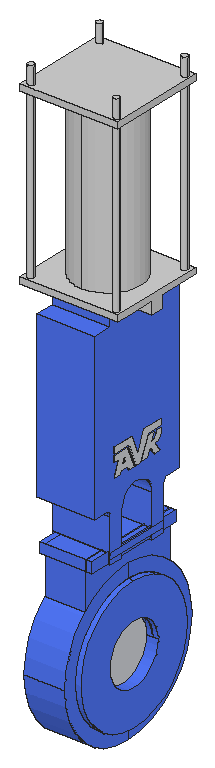
Revit family "702-40-103-DN50-600", category Pipe Accessories, Revit 2019
Family settings
  Round Connector Dimension = Use Diameter
  Part Type = Valve - Breaks Into
  Work Plane-Based = No
  Always vertical = Yes
  Cut with Voids When Loaded = No
  Shared = No
Parameters (values of type "DN 050")
  W4 = W3 / 1.2  # 54.167 mm
  W3 = W / 2  # 65 mm
  W2 = size_lookup(Search_table, "W2", 0 mm, [Nominal Diameter (DN)])  # 54 mm
  W = size_lookup(Search_table, "W", 0 mm, [Nominal Diameter (DN)])  # 130 mm
  URL product pages = "https://www.avkvalves.com"
  Search_table = "702-40-103-DN50-600"
  Neck_Rod = if([Nominal Diameter (DN)] > 399 mm, 40 mm, if([Nominal Diameter (DN)] > 299 mm, 30 mm, if([Nominal Diameter (DN)] > 199 mm, 20 mm, if([Nominal Diameter (DN)] > 39 mm, 10 mm, 10 mm))))  # 10 mm
  Name_Ref = H_Ref * 1.25  # 140.833 mm
  L2 = L * 1.1  # 47.3 mm
  L = size_lookup(Search_table, "L", 0 mm, [Nominal Diameter (DN)])  # 43 mm
  ID = [Nominal Diameter (DN)] / 2  # 25 mm
  Nominal Diameter (DN) = 50 mm
  HW_Rib = 145 mm
  H_Ref = Body_width * 1.3  # 112.667 mm
  H3 = size_lookup(Search_table, "H3", 0 mm, [Nominal Diameter (DN)])  # 494 mm
  H2 = size_lookup(Search_table, "H2", 0 mm, [Nominal Diameter (DN)])  # 14 mm
  H1 = size_lookup(Search_table, "H1", 0 mm, [Nominal Diameter (DN)])  # 147 mm
  H = size_lookup(Search_table, "H", 0 mm, [Nominal Diameter (DN)])  # 415 mm
  Flange_Thickness = if([Nominal Diameter (DN)] > 399 mm, 20 mm, if([Nominal Diameter (DN)] > 299 mm, 15 mm, if([Nominal Diameter (DN)] > 199 mm, 10 mm, if([Nominal Diameter (DN)] > 39 mm, 5 mm, 5 mm))))  # 5 mm
  Fillet_Radius = size_lookup(Search_table, "Fillet_Radius", 0 mm, [Nominal Diameter (DN)])  # 5 mm
  Description_ = "AVK KNIFE GATE VALVE"
  DN600_PN10 = "702-600-40-034"
  DN600 = yes
  DN500_PN10 = "702-500-40-034"
  DN500 = yes
  DN450_PN10 = "702-450-40-034"
  DN450 = yes
  DN400_PN10 = "702-400-40-034"
  DN400 = yes
  DN350_PN10 = "702-350-40-034"
  DN350 = yes
  DN300_PN10 = "702-300-40-034"
  DN300 = yes
  DN250_PN10 = "702-250-40-034"
  DN200_PN10 = "702-200-40-034"
  DN200 = yes
  DN150_PN10/16 = "702-150-40-134"
  DN150 = yes
  DN125_PN10/16 = "702-125-40-134"
  DN125 = yes
  DN100_PN10/16 = "702-100-40-134"
  DN100 = yes
  DN080_PN10/16 = "702-080-40-134"
  DN080 = yes
  DN065_PN10/16 = "702-065-40-134"
  DN065 = yes
  DN050_PN10/16 = "702-050-40-134"
  DN050 = yes
  D = size_lookup(Search_table, "D", 0 mm, [Nominal Diameter (DN)])  # 80 mm
  Cut_Height = Fillet_Radius * 3  # 15 mm
  Bonnet_height_2 = H / 3.5  # 118.571 mm
  Bonnet_height = H - H1  # 268 mm
  Body_width = W / 1.5  # 86.667 mm
  B2_Ref = W3 * 1.2  # 78 mm
Types (15, lengths in mm): name | W4 | W3 | W2 | W | Neck_Rod | Name_Ref | L2 | L | ID | Nominal Diameter (DN) | HW_Rib | H_Ref | H3 | H2 | H1 | H | Flange_Thickness | Fillet_Radius | D | Cut_Height | Bonnet_height_2 | Bonnet_height | Body_width | B2_Ref
  (no name) | 54.167 | 65 | 54 | 130 | 10 | 140.833 | 47.3 | 43 | 25 | 50 | 145 | 112.667 | 494 | 14 | 147 | 415 | 5 | 5 | 80 | 15 | 118.571 | 268 | 86.667 | 78
  DN 050 | 54.167 | 65 | 54 | 130 | 10 | 140.833 | 47.3 | 43 | 25 | 50 | 145 | 112.667 | 494 | 14 | 147 | 415 | 5 | 5 | 80 | 15 | 118.571 | 268 | 86.667 | 78
  DN 065 | 59.583 | 71.5 | 60 | 143 | 10 | 154.917 | 50.6 | 46 | 32.5 | 65 | 145 | 123.933 | 541 | 14 | 160 | 456 | 5 | 5 | 80 | 15 | 130.286 | 296 | 95.333 | 85.8
  DN 080 | 76.25 | 91.5 | 76 | 183 | 10 | 198.25 | 50.6 | 46 | 40 | 80 | 195 | 158.6 | 592 | 14 | 177 | 486 | 5 | 5 | 100 | 15 | 138.857 | 309 | 122 | 109.8
  DN 100 | 84.167 | 101 | 84 | 202 | 10 | 218.833 | 57.2 | 52 | 50 | 100 | 195 | 175.067 | 664 | 14 | 197 | 549 | 5 | 10 | 100 | 30 | 156.857 | 352 | 134.667 | 121.2
  DN 125 | 95.417 | 114.5 | 95 | 229 | 10 | 248.083 | 61.6 | 56 | 62.5 | 125 | 195 | 198.467 | 740 | 16 | 232 | 610 | 5 | 10 | 125 | 30 | 174.286 | 378 | 152.667 | 137.4
  DN 150 | 111.25 | 133.5 | 111 | 267 | 10 | 289.25 | 61.6 | 56 | 75 | 150 | 270 | 231.4 | 840 | 16 | 267 | 691 | 5 | 10 | 160 | 30 | 197.429 | 424 | 178 | 160.2
  DN 200 | 135.833 | 163 | 136 | 326 | 20 | 353.167 | 66 | 60 | 100 | 200 | 240 | 282.533 | 1053 | 19 | 327 | 871 | 10 | 15 | 190 | 45 | 248.857 | 544 | 217.333 | 195.6
  DN 300 | 187.917 | 225.5 | 188 | 451 | 30 | 488.583 | 85.8 | 78 | 150 | 300 | 310 | 390.867 | 1462 | 19 | 428 | 1217 | 15 | 15 | 190 | 45 | 347.714 | 789 | 300.667 | 270.6
  DN 350 | 215.833 | 259 | 216 | 518 | 30 | 561.167 | 85.8 | 78 | 175 | 350 | 310 | 448.933 | 1666 | 25 | 499 | 1381 | 15 | 20 | 250 | 60 | 394.571 | 882 | 345.333 | 310.8
  DN 400 | 240 | 288 | 240 | 576 | 40 | 624 | 99 | 90 | 200 | 400 | 280 | 499.2 | 1854 | 25 | 549 | 1541 | 20 | 20 | 250 | 60 | 440.286 | 992 | 384 | 345.6
  DN 450 | 257.5 | 309 | 258 | 618 | 40 | 669.5 | 99 | 90 | 225 | 450 | 380 | 535.6 | 2049 | 25 | 594 | 1715 | 20 | 20 | 300 | 60 | 490 | 1121 | 412 | 370.8
  DN 500 | 290.833 | 349 | 291 | 698 | 40 | 756.167 | 104.5 | 95 | 250 | 500 | 380 | 604.933 | 2249 | 25 | 656 | 1875 | 20 | 25 | 300 | 75 | 535.714 | 1219 | 465.333 | 418.8
  DN 600 | 340.417 | 408.5 | 340 | 817 | 40 | 885.083 | 115.5 | 105 | 300 | 600 | 380 | 708.067 | 2602 | 25 | 756 | 2169 | 20 | 25 | 300 | 75 | 619.714 | 1413 | 544.667 | 490.2
  DN 250 | 164.583 | 197.5 | 165 | 395 | 20 | 427.917 | 74.8 | 68 | 125 | 250 | 240 | 342.333 | 1263 | 19 | 375 | 1046 | 10 | 15 | 190 | 45 | 298.857 | 671 | 263.333 | 237
Reference planes
  plane 1 "Center (Front/Back)": y = 0
  plane 2: z = 0
  plane 3 "Center (Left/Right)": x = 0
  plane 4: x = -21.5
  plane 5: x = 21.5
  plane 6: y = 27.083
  plane 7: y = -27.083
  plane 8: x = -23.65
  plane 9: x = 23.65
  plane 10: z = 86.667
  plane 11: z = 81.667
  plane 12: x = -18
  plane 13: x = 18
  plane 14: z = 292
  plane 15: y = 15.843
  plane 16: y = -15.843
  plane 17: z = 112.667
  plane 18: z = 118.571
  plane 19: y = 27.083
  plane 20: y = -27.083
  plane 21: x = -23.65
  plane 22: x = 23.65
  plane 23: z = 292
  plane 24: z = 272
  plane 25: z = -65
  plane 26: z = 65
  plane 27: y = -65
  plane 28: y = 65
  plane 29: x = -40
  plane 30: x = 40
  plane 31: z = 415
  plane 32: z = 268
  plane 33: z = 415
  plane 34: z = 268
  plane 35: y = 40
  plane 36: y = -40
  plane 37: z = 113.571
  plane 38: y = -32.083
  plane 39: z = 113.571
  plane 40: y = 32.083
  plane 41: x = -11.5
  plane 42: x = 11.5
  plane 43: z = 429
Forms (mm)
  Extrusion 1, solid, material "Plastic"
    sketch origin (0, 0, 0) x (0, 1, 0) y (0, 0, 1)
      loop
        circle (0, 0) r 65
      loop
        circle (0, 0) r 25
    from -21.5 to 21.5
  Revolve 2, void
    sketch origin (0, 0, 0) x (1, 0, 0) y (0, 0, 1)
      loop
        line (21.5, 65) -> (16.5, 65) -> (16.5, 54.167) -> (21.5, 54.167) -> (21.5, 65)
      loop
        line (-21.5, 65) -> (-21.5, 54.167) -> (-16.5, 54.167) -> (-16.5, 65) -> (-21.5, 65)
      axis (-21.5, 0) -> (21.5, 0)
    angle from 0 to 360
  Extrusion 3, solid, material "Plastic"
    sketch origin (0, 0, 0) x (0, 1, 0) y (0, 0, 1)
      loop
        line (43.333, 0) -> (43.333, 86.667) -> (-43.333, 86.667) -> (-43.333, 0) -> (43.333, 0)
    from -16.5 to 16.5
  Extrusion 4, solid, material "Plastic"
    sketch origin (0, 0, 0) x (1, 0, 0) y (0, 0, 1)
      loop
        line (23.65, 86.667) -> (-23.65, 86.667) -> (-23.65, 81.667) -> (23.65, 81.667) -> (23.65, 86.667)
    from -27.083 to 27.083
  Extrusion 5, solid, material "Plastic"
    sketch origin (0, 0, 0) x (1, 0, 0) y (0, 0, 1)
      loop
        line (-21.5, 86.667) -> (-21.5, 78) -> (21.5, 78) -> (21.5, 86.667) -> (-21.5, 86.667)
    from -43.333 to 43.333
  Extrusion 6, solid, material "Plastic"
    sketch origin (0, 0, 0) x (0, 1, 0) y (0, 0, 1)
      loop
        line (27.083, 78) -> (27.083, 113.571)
        arc (27.083, 113.571) -> (28.548, 117.107) -> (32.083, 118.571) r 5
        line (32.083, 118.571) -> (43.333, 118.571) -> (43.333, 268) -> (-43.333, 268) -> (-43.333, 118.571) -> (-32.083, 118.571)
        arc (-32.083, 118.571) -> (-28.548, 117.107) -> (-27.083, 113.571) r 5
        line (-27.083, 113.571) -> (-27.083, 78) -> (-15.843, 78) -> (-15.843, 112.667)
        arc (-15.843, 112.667) -> (0, 128.51) -> (15.843, 112.667) r 15.843
        line (15.843, 112.667) -> (15.843, 78) -> (27.083, 78)
    from -23.65 to 23.65
  Extrusion 7, void
    sketch origin (0, 0, 0) x (0, 1, 0) y (0, 0, 1)
      loop
        circle (0, 0) r 25
    from -21.5 to 21.5
  Extrusion 8, solid, material "Stainless Steel AISI 304(1)"
    sketch origin (0, 0, 0) x (0, 1, 0) y (0, 0, 1)
      loop
        line (40, 268) -> (40, 273) -> (-40, 273) -> (-40, 268) -> (-5, 268) -> (-5, 258) -> (5, 258) -> (5, 268) -> (40, 268)
      loop
        line (40, 415) -> (-40, 415) -> (-40, 410) -> (40, 410) -> (40, 415)
    from -40 to 40
  Revolve 9, solid, material "Stainless Steel AISI 304(1)"
    sketch origin (0, 0, 0) x (0, 1, 0) y (0, 0, 1)
      loop
        line (-27.083, 410) -> (-27.083, 273) -> (0, 273) -> (0, 410) -> (-27.083, 410)
      axis (0, 273) -> (0, 410)
    angle from 0 to 360
  Extrusion 10, solid, material "Stainless Steel AISI 304(1)"
    sketch origin (0, 0, 0) x (1, 0, 0) y (0, 1, 0)
      loop
        circle (35, 35) r 2.5
      loop
        circle (-35, 35) r 2.5
      loop
        circle (35, -35) r 2.5
      loop
        circle (-35, -35) r 2.5
    from 273 to 429
  Extrusion 11, void
    sketch origin (0, 0, 0) x (0, 1, 0) y (0, 0, 1)
      loop
        line (43.333, 268) -> (27.083, 268) -> (27.083, 253) -> (43.333, 253) -> (43.333, 268)
      loop
        line (-43.333, 268) -> (-43.333, 253) -> (-27.083, 253) -> (-27.083, 268) -> (-43.333, 268)
    from -40 to 40
  Extrusion 12, solid
    sketch origin (0, 0, 0) x (0, 1, 0) y (0, 0, 1)
      loop
        circle (0, 0) r 25
    from -11.5 to 11.5
Cuts and joins
  Revolve 2, Extrusion 7 cuts Extrusion 1
  Extrusion 7 cuts Extrusion 3
  Extrusion 11 cuts Extrusion 6
  Extrusion 11 cuts Extrusion 8
Dimensions and locks
  equal spacing: plane 4, plane 3 "Center (Left/Right)", plane 5
  "L": plane 4 to plane 5
  "W3": Revolve 2 sketch curve to level
  "Flange_Thickness": Revolve 2 sketch curve to Extrusion 1
  "Flange_Thickness": Extrusion 1 to Revolve 2 sketch curve
  "W4": Revolve 2 sketch curve to level
  equal spacing: Extrusion 3 sketch curve, plane 1 "Center (Front/Back)", Extrusion 3 sketch curve
  "Body_width": Extrusion 3 sketch curve to Extrusion 3 sketch curve  (x2)
  level to Extrusion 3 = 86.667 mm
  equal spacing: plane 6, plane 1 "Center (Front/Back)", plane 7
  "W4": plane 6 to plane 7
  equal spacing: plane 8, plane 3 "Center (Left/Right)", plane 9
  "L2": plane 8 to plane 9
  "Flange_Thickness": plane 10 to plane 11
  "Body_width": plane 10 to level
  "B2_Ref": Extrusion 5 sketch curve to level
  plane 14 to level = 292 mm
  equal spacing: plane 15, plane 1 "Center (Front/Back)", plane 16
  "Bonnet_height_2": level to plane 18
  "Bonnet_height": Extrusion 6 sketch curve to level
  equal spacing: plane 21, plane 3 "Center (Left/Right)", plane 22
  "L2": plane 21 to plane 22
  "H_Ref": level to plane 17
  "Name_Ref": level to nested 1
  cut or joined group of Extrusion 1, Revolve 2, Extrusion 7 to cut or joined group of Extrusion 1, Revolve 2, Extrusion 7 = 43 mm
  equal spacing: plane 26, level, plane 25
  "W": plane 26 to plane 25
  equal spacing: plane 28, plane 1 "Center (Front/Back)", plane 27
  "W": plane 28 to plane 27
  "Neck_Rod": Extrusion 8 sketch curve to Extrusion 8 sketch curve  (x2)
  equal spacing: plane 30, plane 3 "Center (Left/Right)", plane 29
  "D": plane 30 to plane 29
  "H": plane 31 to level
  "H1": plane 31 to plane 32
  "H": plane 33 to level
  "H1": plane 33 to plane 34
  "Flange_Thickness": Extrusion 8 sketch curve to Extrusion 8 sketch curve  (x2)
  equal spacing: Extrusion 8 sketch curve, plane 1 "Center (Front/Back)", Extrusion 8 sketch curve
  Extrusion 8 sketch curve to Extrusion 8 sketch curve = 10 mm
  "Flange_Thickness": Extrusion 8 to Extrusion 10 sketch curve  (x6)
  "Flange_Thickness": Extrusion 10 sketch curve to Extrusion 8  (x2)
  equal spacing: plane 35, plane 1 "Center (Front/Back)", plane 36
  "D": plane 35 to plane 36
  level to plane 25 = 65 mm
  "Fillet_Radius": plane 20 to plane 38
  "Fillet_Radius": plane 18 to plane 37
  "Fillet_Radius": plane 39 to plane 18
  "Fillet_Radius": plane 40 to plane 19
  "Cut_Height": Extrusion 11 sketch curve to Extrusion 11 sketch curve
  equal spacing: plane 41, plane 3 "Center (Left/Right)", plane 42
  "H2": plane 43 to plane 31
  plane 43 to plane 25 = 494 mm
  "W": diameter of Extrusion 1 sketch curve
  "Nominal Diameter (DN)": diameter of Extrusion 1 sketch curve
  "Flange_Thickness": diameter of Extrusion 10 sketch curve  (x4)
  "ID": radius of Extrusion 12 sketch curve
  aligned and locked: level to plane 2
  aligned and locked: Extrusion 1 to plane 5
  aligned and locked: plane 4 to Extrusion 1
  aligned and locked: Extrusion 1 to Revolve 2 sketch curve
  aligned and locked: Revolve 2 sketch curve to Revolve 2 sketch curve  (x2)
  aligned and locked: Revolve 2 sketch curve to plane 2
  aligned and locked: Extrusion 3 sketch curve to level
  aligned and locked: plane 6 to Extrusion 4
  aligned and locked: Extrusion 4 to plane 7
  aligned and locked: plane 11 to Extrusion 4 sketch curve  (x2)
  aligned and locked: plane 10 to Extrusion 4 sketch curve  (x2)
  aligned and locked: Extrusion 5 sketch curve to plane 4
  aligned and locked: plane 5 to Extrusion 5 sketch curve
  aligned and locked: Extrusion 5 sketch curve to Extrusion 4
  aligned and locked: Extrusion 5 to Extrusion 3
  aligned and locked: Extrusion 3 to Extrusion 5
  aligned and locked: plane 8 to Extrusion 4 sketch curve
  aligned and locked: Extrusion 4 sketch curve to plane 9
  aligned and locked: Extrusion 3 to cut or joined group of Extrusion 1, Revolve 2, Extrusion 7  (x2)
  aligned and locked: Extrusion 5 to Extrusion 6 sketch curve
  aligned and locked: Extrusion 6 sketch curve to Extrusion 5
  aligned and locked: plane 15 to Extrusion 6 sketch curve  (x2)
  aligned and locked: plane 19 to Extrusion 6 sketch curve  (x2)
  aligned and locked: plane 16 to Extrusion 6 sketch curve  (x2)
  aligned and locked: plane 20 to Extrusion 6 sketch curve  (x2)
  aligned and locked: plane 7 to plane 20
  aligned and locked: plane 6 to plane 19
  aligned and locked: Extrusion 3 to Extrusion 6 sketch curve  (x2)
  aligned and locked: Extrusion 6 to Extrusion 4  (x2)
  aligned and locked: Extrusion 7 sketch curve to cut or joined group of Extrusion 1, Revolve 2, Extrusion 7  (x2)
  aligned and locked: Extrusion 1 to Extrusion 7  (x2)
  aligned and locked: nested 1 to plane 1 "Center (Front/Back)"
  aligned and locked: plane 30 to Extrusion 8
  aligned and locked: Extrusion 8 to plane 29
  aligned and locked: plane 32 to Extrusion 8 sketch curve
  aligned and locked: Extrusion 8 sketch curve to Extrusion 8 sketch curve  (x3)
  aligned and locked: plane 33 to Extrusion 8 sketch curve
  aligned and locked: Extrusion 8 to Revolve 9 sketch curve  (x2)
  aligned and locked: plane 1 "Center (Front/Back)" to Revolve 9 sketch curve
  aligned and locked: plane 7 to Revolve 9 sketch curve
  aligned and locked: Revolve 9 sketch curve to Revolve 9 sketch curve
  aligned and locked: Extrusion 10 to Extrusion 8
  aligned and locked: Extrusion 8 sketch curve to plane 35
  aligned and locked: plane 36 to Extrusion 8 sketch curve
  aligned and locked: plane 17 to Extrusion 6 sketch curve  (x2)
  aligned and locked: plane 38 to Extrusion 6 sketch curve
  aligned and locked: plane 18 to Extrusion 6 sketch curve  (x2)
  aligned and locked: plane 37 to Extrusion 6 sketch curve
  aligned and locked: plane 39 to Extrusion 6 sketch curve
  aligned and locked: plane 40 to Extrusion 6 sketch curve
  aligned and locked: Extrusion 11 sketch curve to Extrusion 6
  aligned and locked: Extrusion 11 sketch curve to Extrusion 8
  aligned and locked: plane 6 to Extrusion 11 sketch curve
  aligned and locked: plane 32 to Extrusion 11 sketch curve
  aligned and locked: plane 7 to Extrusion 11 sketch curve
  aligned and locked: Extrusion 6 to Extrusion 11 sketch curve
  aligned and locked: Extrusion 11 sketch curve to Extrusion 11 sketch curve
  aligned and locked: Extrusion 11 to plane 29
  aligned and locked: plane 30 to Extrusion 11
  aligned and locked: plane 41 to Extrusion 12
  aligned and locked: Extrusion 12 to plane 42
  aligned and locked: plane 43 to Extrusion 10
Automatic sketch dimensions
  Revolve 9 sketch curve to Revolve 9 sketch curve = 50 mm
  Revolve 9 sketch curve to Revolve 9 sketch curve = 127.5 mm
  Extrusion 1 sketch curve to Extrusion 1 sketch curve = 0 mm  (x2)
  Extrusion 1 sketch curve to level = 0 mm
  Extrusion 1 sketch curve to plane 1 "Center (Front/Back)" = 0 mm
  Revolve 2 sketch curve to plane 4 = 0 mm
  Revolve 2 sketch curve to plane 4 = 2.3 mm
  Revolve 2 sketch curve to plane 42 = 2 mm
  Extrusion 12 sketch curve to level = 0 mm
  Extrusion 12 sketch curve to plane 1 "Center (Front/Back)" = 0 mm
Nested families
  nested 1: "LOGO LV Final.0001" at (23.65, 0, 129.466) x (0, 1, 0) z (1, 0, 0), type "LOGO LV Final.0001"
Connectors
  piping at (21.5, 0, 0), diameter 50, driven by "Nominal Diameter (DN)"
    settings: on cut or joined group of Extrusion 1, Revolve 2, Extrusion 7, index 1, connector inside diameter 609.6 mm, connector length 0 mm, flow factor 0, pipe flow 0.0 L/s, pressure drop 0.0 Pa, fitting loss kfactor 0, connector angle 0.00°, fixture units 0, engagement length 0 mm, angle of deflection 0.00°, flow configuration 0, flow direction 0, fitting loss method 0, system type 7, joint type 0, gender type 0, connector reference index -1, connector utility 0, adjustable connector no, is connector primary yes, connector description ""
  piping at (-21.5, 0, 0), diameter 50, driven by "Nominal Diameter (DN)"
    settings: on cut or joined group of Extrusion 1, Revolve 2, Extrusion 7, index 2, connector inside diameter 609.6 mm, connector length 0 mm, flow factor 0, pipe flow 0.0 L/s, pressure drop 0.0 Pa, fitting loss kfactor 0, connector angle 0.00°, fixture units 0, engagement length 0 mm, angle of deflection 0.00°, flow configuration 0, flow direction 0, fitting loss method 0, system type 7, joint type 0, gender type 0, connector reference index -1, connector utility 0, adjustable connector no, is connector primary no, connector description ""
Definition of nested family "LOGO LV Final.0001"
  Parameters (values of type "LOGO LV Final.0001")
    Default Elevation = 1219.2 mm
  Reference planes
    plane 1 "Center (Front/Back)": y = 0
    plane 2: z = 0
    plane 3 "Center (Left/Right)": x = 0
  Forms (mm)
    Extrusion 1, solid
      sketch origin (0, 0, 0) x (1, 0, 0) y (0, 1, 0)
        loop
          line (-1219.2, 1219.2) -> (-1219.2, -1219.2) -> (1219.2, -1219.2) -> (1219.2, 1219.2) -> (-1219.2, 1219.2)
      from 0 to -304.8
    Extrusion 2, solid
      sketch origin (0, 0, 0) x (1, 0, 0) y (0, 1, 0)
        loop
          line (-6.514, 34.224) -> (-24, 34.224) -> (-24, 29.481) -> (-9.766, 29.481) -> (-2.391, 11.367) -> (2.391, 11.367) -> (9.766, 29.481) -> (24, 29.481) -> (24, 34.224) -> (6.514, 34.224) -> (0, 18.224) -> (-6.514, 34.224)
        loop
          line (-10.996, 27.653) -> (-24, 27.653) -> (-24, 23.081) -> (-19.503, 23.081) -> (-24, 11.367) -> (-18.92, 11.367) -> (-17.955, 13.881) -> (-10.51, 13.881) -> (-9.486, 11.367) -> (-4.365, 11.367) -> (-10.996, 27.653)
        loop
          line (-16.777, 18.224) -> (-12.278, 18.224) -> (-14.594, 23.912) -> (-16.777, 18.224)
        loop
          line (4.365, 11.367) -> (9.486, 11.367) -> (12.093, 17.77) -> (16.918, 11.367) -> (22.857, 11.367) -> (17.399, 18.61)
          arc (17.399, 18.61) -> (20.583, 20.18) -> (22.629, 23.081) r 7.2
          line (22.629, 23.081) -> (24, 23.081) -> (24, 27.653) -> (19.429, 27.653)
          arc (19.429, 27.653) -> (17.763, 23.526) -> (13.699, 21.714) r 5.943
          line (13.699, 21.714) -> (16.117, 27.653) -> (10.996, 27.653) -> (4.365, 11.367)
      from 0 to 1
  Dimensions and locks
    aligned and locked: plane 2 to Extrusion 1
    aligned and locked: level to Extrusion 1
    aligned and locked: Extrusion 2 sketch curve to import instance
